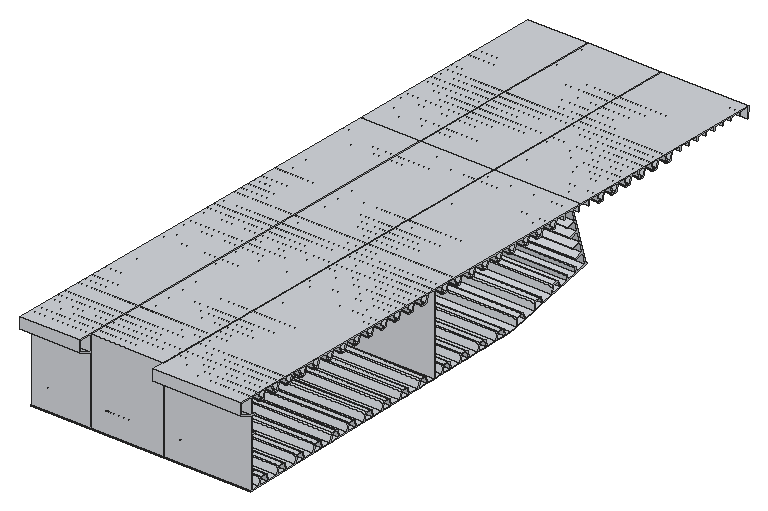
Revit family "A1-A4节段-主梁框架", category 结构框架, Revit 2018 (continued)
Forms (mm)
  Sweep 2, solid
    profile "A1-A4节段主梁截面4-4 : A1-A4节段主梁截面4-4" origin (-4400, -3000, 0) x (0, -1, 0) y (0, 0, 1)
      loop
        arc (-5051.299, -291.932) -> (-5067.66, -318.993) -> (-5097.304, -330.005) r 48
        line (-5097.304, -330.005) -> (-5144.161, -330.942) -> (-5191.018, -331.879)
        arc (-5191.018, -331.879) -> (-5221.078, -322.062) -> (-5238.508, -295.676) r 48
        line (-5238.508, -295.676) -> (-5299.73, -53.998) -> (-5599.67, -59.997) -> (-5651.179, -303.93)
        arc (-5651.179, -303.93) -> (-5667.54, -330.991) -> (-5697.184, -342.003) r 48
        line (-5697.184, -342.003) -> (-5744.041, -342.94) -> (-5790.898, -343.877)
        arc (-5790.898, -343.877) -> (-5820.958, -334.06) -> (-5838.388, -307.674) r 48
        line (-5838.388, -307.674) -> (-5899.61, -65.996) -> (-6199.55, -71.995) -> (-6251.059, -315.928)
        arc (-6251.059, -315.928) -> (-6267.42, -342.989) -> (-6297.064, -354.001) r 48
        line (-6297.064, -354.001) -> (-6343.921, -354.938) -> (-6390.778, -355.875)
        arc (-6390.778, -355.875) -> (-6420.838, -346.058) -> (-6438.268, -319.672) r 48
        line (-6438.268, -319.672) -> (-6499.49, -77.994) -> (-6799.43, -83.993) -> (-6850.939, -327.926)
        arc (-6850.939, -327.926) -> (-6867.3, -354.987) -> (-6896.944, -365.999) r 48
        line (-6896.944, -365.999) -> (-6943.801, -366.936) -> (-6990.658, -367.873)
        arc (-6990.658, -367.873) -> (-7020.718, -358.056) -> (-7038.148, -331.67) r 48
        line (-7038.148, -331.67) -> (-7099.37, -89.992) -> (-7399.31, -95.991) -> (-7450.819, -339.924)
        arc (-7450.819, -339.924) -> (-7467.18, -366.985) -> (-7496.824, -377.997) r 48
        line (-7496.824, -377.997) -> (-7543.681, -378.934) -> (-7590.538, -379.871)
        arc (-7590.538, -379.871) -> (-7620.598, -370.054) -> (-7638.028, -343.668) r 48
        line (-7638.028, -343.668) -> (-7699.25, -101.99) -> (-7999.19, -107.989) -> (-8050.7, -351.922)
        arc (-8050.7, -351.922) -> (-8067.06, -378.983) -> (-8096.704, -389.995) r 48
        line (-8096.704, -389.995) -> (-8143.561, -390.932) -> (-8190.418, -391.869)
        arc (-8190.418, -391.869) -> (-8220.479, -382.052) -> (-8237.908, -355.666) r 48
        line (-8237.908, -355.666) -> (-8299.13, -113.988) -> (-8599.07, -119.987) -> (-8650.58, -363.92)
        arc (-8650.58, -363.92) -> (-8666.94, -390.981) -> (-8696.584, -401.993) r 48
        line (-8696.584, -401.993) -> (-8743.441, -402.93) -> (-8790.298, -403.867)
        arc (-8790.298, -403.867) -> (-8820.359, -394.05) -> (-8837.788, -367.664) r 48
        line (-8837.788, -367.664) -> (-8899.01, -125.986) -> (-9198.95, -131.985) -> (-9250.46, -375.918)
        arc (-9250.46, -375.918) -> (-9266.82, -402.979) -> (-9296.464, -413.991) r 48
        line (-9296.464, -413.991) -> (-9343.321, -414.928) -> (-9390.178, -415.865)
        arc (-9390.178, -415.865) -> (-9420.239, -406.048) -> (-9437.668, -379.662) r 48
        line (-9437.668, -379.662) -> (-9498.89, -137.984) -> (-9798.83, -143.983) -> (-9850.34, -387.916)
        arc (-9850.34, -387.916) -> (-9866.7, -414.977) -> (-9896.344, -425.989) r 48
        line (-9896.344, -425.989) -> (-9943.201, -426.926) -> (-9990.058, -427.863)
        arc (-9990.058, -427.863) -> (-10020.119, -418.046) -> (-10037.548, -391.66) r 48
        line (-10037.548, -391.66) -> (-10098.77, -149.982) -> (-10398.71, -155.981) -> (-10450.22, -399.914)
        arc (-10450.22, -399.914) -> (-10466.58, -426.975) -> (-10496.224, -437.987) r 48
        line (-10496.224, -437.987) -> (-10543.081, -438.924) -> (-10589.938, -439.861)
        arc (-10589.938, -439.861) -> (-10619.999, -430.044) -> (-10637.428, -403.658) r 48
        line (-10637.428, -403.658) -> (-10698.65, -161.98) -> (-10998.59, -167.979) -> (-11050.1, -411.912)
        arc (-11050.1, -411.912) -> (-11066.46, -438.973) -> (-11096.104, -449.985) r 48
        line (-11096.104, -449.985) -> (-11142.961, -450.922) -> (-11189.818, -451.859)
        arc (-11189.818, -451.859) -> (-11219.879, -442.042) -> (-11237.308, -415.656) r 48
        line (-11237.308, -415.656) -> (-11298.53, -173.978) -> (-11593, -179.867) -> (-11593, -2992) -> (-11275, -2992) -> (-11207.923, -2759.468)
        arc (-11207.923, -2759.468) -> (-11194.257, -2739.634) -> (-11171.412, -2732) r 38
        line (-11171.412, -2732) -> (-11075, -2732) -> (-10978.588, -2732)
        arc (-10978.588, -2732) -> (-10955.743, -2739.634) -> (-10942.077, -2759.468) r 38
        line (-10942.077, -2759.468) -> (-10875, -2992) -> (-10475, -2992) -> (-10407.923, -2759.468)
        arc (-10407.923, -2759.468) -> (-10394.257, -2739.634) -> (-10371.412, -2732) r 38
        line (-10371.412, -2732) -> (-10275, -2732) -> (-10178.588, -2732)
        arc (-10178.588, -2732) -> (-10155.743, -2739.634) -> (-10142.077, -2759.468) r 38
        line (-10142.077, -2759.468) -> (-10075, -2992) -> (-9675, -2992) -> (-9607.923, -2759.468)
        arc (-9607.923, -2759.468) -> (-9594.257, -2739.634) -> (-9571.412, -2732) r 38
        line (-9571.412, -2732) -> (-9475, -2732) -> (-9378.588, -2732)
        arc (-9378.588, -2732) -> (-9355.743, -2739.634) -> (-9342.077, -2759.468) r 38
        line (-9342.077, -2759.468) -> (-9275, -2992) -> (-8875, -2992) -> (-8807.923, -2759.468)
        arc (-8807.923, -2759.468) -> (-8794.257, -2739.634) -> (-8771.412, -2732) r 38
        line (-8771.412, -2732) -> (-8675, -2732) -> (-8578.588, -2732)
        arc (-8578.588, -2732) -> (-8555.743, -2739.634) -> (-8542.077, -2759.468) r 38
        line (-8542.077, -2759.468) -> (-8475, -2992) -> (-8125, -2992) -> (-8057.923, -2759.468)
        arc (-8057.923, -2759.468) -> (-8044.257, -2739.634) -> (-8021.412, -2732) r 38
        line (-8021.412, -2732) -> (-7925, -2732) -> (-7828.588, -2732)
        arc (-7828.588, -2732) -> (-7805.743, -2739.634) -> (-7792.077, -2759.468) r 38
        line (-7792.077, -2759.468) -> (-7725, -2992) -> (-7375, -2992) -> (-7307.923, -2759.468)
        arc (-7307.923, -2759.468) -> (-7294.257, -2739.634) -> (-7271.412, -2732) r 38
        line (-7271.412, -2732) -> (-7175, -2732) -> (-7078.588, -2732)
        arc (-7078.588, -2732) -> (-7055.743, -2739.634) -> (-7042.077, -2759.468) r 38
        line (-7042.077, -2759.468) -> (-6975, -2992) -> (-6625, -2992) -> (-6557.923, -2759.468)
        arc (-6557.923, -2759.468) -> (-6544.257, -2739.634) -> (-6521.412, -2732) r 38
        line (-6521.412, -2732) -> (-6425, -2732) -> (-6328.588, -2732)
        arc (-6328.588, -2732) -> (-6305.743, -2739.634) -> (-6292.077, -2759.468) r 38
        line (-6292.077, -2759.468) -> (-6225, -2992) -> (-5825, -2992) -> (-5757.923, -2759.468)
        arc (-5757.923, -2759.468) -> (-5744.257, -2739.634) -> (-5721.412, -2732) r 38
        line (-5721.412, -2732) -> (-5625, -2732) -> (-5528.588, -2732)
        arc (-5528.588, -2732) -> (-5505.743, -2739.634) -> (-5492.077, -2759.468) r 38
        line (-5492.077, -2759.468) -> (-5425, -2992) -> (-5025, -2992) -> (-4957.923, -2759.468)
        arc (-4957.923, -2759.468) -> (-4944.257, -2739.634) -> (-4921.412, -2732) r 38
        line (-4921.412, -2732) -> (-4825, -2732) -> (-4728.588, -2732)
        arc (-4728.588, -2732) -> (-4705.743, -2739.634) -> (-4692.077, -2759.468) r 38
        line (-4692.077, -2759.468) -> (-4625, -2992) -> (-4225, -2992) -> (-4157.923, -2759.468)
        arc (-4157.923, -2759.468) -> (-4144.257, -2739.634) -> (-4121.412, -2732) r 38
        line (-4121.412, -2732) -> (-4025, -2732) -> (-3928.588, -2732)
        arc (-3928.588, -2732) -> (-3905.743, -2739.634) -> (-3892.077, -2759.468) r 38
        line (-3892.077, -2759.468) -> (-3825, -2992) -> (-3507, -2992) -> (-3507, -2406) -> (-3647, -2406) -> (-3647, -2394) -> (-3507, -2394) -> (-3507, -1806) -> (-3647, -1806) -> (-3647, -1794) -> (-3507, -1794) -> (-3507, -1206) -> (-3647, -1206) -> (-3647, -1194) -> (-3507, -1194) -> (-3507, -606) -> (-3647, -606) -> (-3647, -594) -> (-3507, -594)
      loop
        line (-17686.663, -301.744) -> (-17803.803, -691.101) -> (-17497.371, -783.292) -> (-17504.285, -806.275) -> (-17810.717, -714.083) -> (-17919.043, -1074.141) -> (-17612.61, -1166.333) -> (-17619.525, -1189.315) -> (-17925.957, -1097.123) -> (-18034.282, -1457.181) -> (-17727.85, -1549.373) -> (-17734.765, -1572.355) -> (-18041.197, -1480.163) -> (-18149.522, -1840.221) -> (-17843.09, -1932.413) -> (-17850.004, -1955.395) -> (-18156.436, -1863.204) -> (-18282.281, -2281.494) -> (-17889.383, -2366.521) -> (-17851.31, -2190.594) -> (-17835.672, -2193.978) -> (-17873.745, -2369.906) -> (-17498.433, -2451.127) -> (-17460.36, -2275.2) -> (-17444.722, -2278.584) -> (-17482.795, -2454.511) -> (-17197.401, -2516.274) -> (-17082.659, -2303.19)
        arc (-17082.659, -2303.19) -> (-17065.106, -2286.695) -> (-17041.163, -2284.066) r 38
        line (-17041.163, -2284.066) -> (-16946.933, -2304.459) -> (-16852.702, -2324.852)
        arc (-16852.702, -2324.852) -> (-16831.988, -2337.145) -> (-16822.826, -2359.421) r 38
        line (-16822.826, -2359.421) -> (-16806.451, -2600.879) -> (-16415.501, -2685.485) -> (-16300.759, -2472.402)
        arc (-16300.759, -2472.402) -> (-16283.206, -2455.907) -> (-16259.264, -2453.278) r 38
        line (-16259.264, -2453.278) -> (-16165.033, -2473.671) -> (-16070.802, -2494.063)
        arc (-16070.802, -2494.063) -> (-16050.089, -2506.356) -> (-16040.927, -2528.632) r 38
        line (-16040.927, -2528.632) -> (-16024.552, -2770.091) -> (-15633.602, -2854.697) -> (-15518.859, -2641.613)
        arc (-15518.859, -2641.613) -> (-15501.306, -2625.118) -> (-15477.364, -2622.489) r 38
        line (-15477.364, -2622.489) -> (-15383.133, -2642.882) -> (-15288.902, -2663.275)
        arc (-15288.902, -2663.275) -> (-15268.189, -2675.568) -> (-15259.027, -2697.844) r 38
        line (-15259.027, -2697.844) -> (-15242.652, -2939.302) -> (-14999.144, -2992) -> (-14725, -2992) -> (-14657.923, -2759.468)
        arc (-14657.923, -2759.468) -> (-14644.257, -2739.634) -> (-14621.412, -2732) r 38
        line (-14621.412, -2732) -> (-14525, -2732) -> (-14428.588, -2732)
        arc (-14428.588, -2732) -> (-14405.743, -2739.634) -> (-14392.077, -2759.468) r 38
        line (-14392.077, -2759.468) -> (-14325, -2992) -> (-13925, -2992) -> (-13857.923, -2759.468)
        arc (-13857.923, -2759.468) -> (-13844.257, -2739.634) -> (-13821.412, -2732) r 38
        line (-13821.412, -2732) -> (-13725, -2732) -> (-13628.588, -2732)
        arc (-13628.588, -2732) -> (-13605.743, -2739.634) -> (-13592.077, -2759.468) r 38
        line (-13592.077, -2759.468) -> (-13525, -2992) -> (-13125, -2992) -> (-13057.923, -2759.468)
        arc (-13057.923, -2759.468) -> (-13044.257, -2739.634) -> (-13021.412, -2732) r 38
        line (-13021.412, -2732) -> (-12925, -2732) -> (-12828.588, -2732)
        arc (-12828.588, -2732) -> (-12805.743, -2739.634) -> (-12792.077, -2759.468) r 38
        line (-12792.077, -2759.468) -> (-12725, -2992) -> (-12325, -2992) -> (-12257.923, -2759.468)
        arc (-12257.923, -2759.468) -> (-12244.257, -2739.634) -> (-12221.412, -2732) r 38
        line (-12221.412, -2732) -> (-12125, -2732) -> (-12028.588, -2732)
        arc (-12028.588, -2732) -> (-12005.743, -2739.634) -> (-11992.077, -2759.468) r 38
        line (-11992.077, -2759.468) -> (-11925, -2992) -> (-11607, -2992) -> (-11607, -180.147) -> (-11900.03, -186.008) -> (-11951.539, -429.941)
        arc (-11951.539, -429.941) -> (-11967.9, -457.003) -> (-11997.544, -468.014) r 48
        line (-11997.544, -468.014) -> (-12044.401, -468.951) -> (-12091.258, -469.889)
        arc (-12091.258, -469.889) -> (-12121.318, -460.071) -> (-12138.748, -433.685) r 48
        line (-12138.748, -433.685) -> (-12199.97, -192.007) -> (-12499.91, -198.006) -> (-12551.419, -441.939)
        arc (-12551.419, -441.939) -> (-12567.78, -469.001) -> (-12597.424, -480.012) r 48
        line (-12597.424, -480.012) -> (-12644.281, -480.949) -> (-12691.138, -481.887)
        arc (-12691.138, -481.887) -> (-12721.198, -472.069) -> (-12738.628, -445.683) r 48
        line (-12738.628, -445.683) -> (-12799.85, -204.005) -> (-13099.79, -210.004) -> (-13151.299, -453.937)
        arc (-13151.299, -453.937) -> (-13167.66, -480.999) -> (-13197.304, -492.01) r 48
        line (-13197.304, -492.01) -> (-13244.161, -492.947) -> (-13291.018, -493.885)
        arc (-13291.018, -493.885) -> (-13321.078, -484.067) -> (-13338.508, -457.681) r 48
        line (-13338.508, -457.681) -> (-13399.73, -216.003) -> (-13699.67, -222.002) -> (-13751.179, -465.935)
        arc (-13751.179, -465.935) -> (-13767.54, -492.997) -> (-13797.184, -504.008) r 48
        line (-13797.184, -504.008) -> (-13844.041, -504.945) -> (-13890.898, -505.883)
        arc (-13890.898, -505.883) -> (-13920.958, -496.065) -> (-13938.388, -469.679) r 48
        line (-13938.388, -469.679) -> (-13999.61, -228.001) -> (-14299.55, -234) -> (-14351.059, -477.933)
        arc (-14351.059, -477.933) -> (-14367.42, -504.995) -> (-14397.064, -516.006) r 48
        line (-14397.064, -516.006) -> (-14443.921, -516.943) -> (-14490.778, -517.881)
        arc (-14490.778, -517.881) -> (-14520.838, -508.063) -> (-14538.268, -481.677) r 48
        line (-14538.268, -481.677) -> (-14599.49, -239.999) -> (-14899.43, -245.998) -> (-14950.939, -489.931)
        arc (-14950.939, -489.931) -> (-14967.3, -516.993) -> (-14996.944, -528.004) r 48
        line (-14996.944, -528.004) -> (-15043.801, -528.941) -> (-15090.658, -529.879)
        arc (-15090.658, -529.879) -> (-15120.718, -520.061) -> (-15138.148, -493.675) r 48
        line (-15138.148, -493.675) -> (-15199.37, -251.997) -> (-15499.31, -257.996) -> (-15550.819, -501.929)
        arc (-15550.819, -501.929) -> (-15567.18, -528.991) -> (-15596.824, -540.002) r 48
        line (-15596.824, -540.002) -> (-15643.681, -540.939) -> (-15690.538, -541.877)
        arc (-15690.538, -541.877) -> (-15720.598, -532.059) -> (-15738.028, -505.673) r 48
        line (-15738.028, -505.673) -> (-15799.25, -263.995) -> (-16099.19, -269.994) -> (-16150.7, -513.927)
        arc (-16150.7, -513.927) -> (-16167.06, -540.989) -> (-16196.704, -552) r 48
        line (-16196.704, -552) -> (-16243.561, -552.937) -> (-16290.418, -553.875)
        arc (-16290.418, -553.875) -> (-16320.479, -544.057) -> (-16337.908, -517.671) r 48
        line (-16337.908, -517.671) -> (-16399.13, -275.993) -> (-16699.07, -281.992) -> (-16750.58, -525.925)
        arc (-16750.58, -525.925) -> (-16766.94, -552.987) -> (-16796.584, -563.998) r 48
        line (-16796.584, -563.998) -> (-16843.441, -564.935) -> (-16890.298, -565.873)
        arc (-16890.298, -565.873) -> (-16920.359, -556.055) -> (-16937.788, -529.669) r 48
        line (-16937.788, -529.669) -> (-16999.01, -287.991) -> (-17340.942, -294.83) -> (-17337.342, -474.794) -> (-17353.339, -475.114) -> (-17356.939, -295.15) -> (-17686.663, -301.744)
      loop
        line (-3493, -1.859) -> (-18084, -293.688) -> (-18100, -295.008) -> (-25507.139, -443.156) -> (-25499.4, -830.079) -> (-25485.403, -829.799) -> (-25492.861, -456.873) -> (-25130.721, -449.63) -> (-25127.922, -589.602) -> (-25113.925, -589.322) -> (-25116.724, -449.35) -> (-24755.796, -442.131) -> (-24752.997, -582.103) -> (-24739, -581.823) -> (-24741.799, -441.851) -> (-24380.871, -434.633) -> (-24378.072, -574.605) -> (-24364.074, -574.325) -> (-24366.874, -434.353) -> (-24005.946, -427.134) -> (-24003.147, -567.106) -> (-23989.149, -566.826) -> (-23991.949, -426.854) -> (-23631.021, -419.635) -> (-23628.222, -559.607) -> (-23614.224, -559.327) -> (-23617.024, -419.355) -> (-23256.096, -412.136) -> (-23253.297, -552.108) -> (-23239.299, -551.829) -> (-23242.099, -411.857) -> (-22881.171, -404.638) -> (-22878.372, -544.61) -> (-22864.374, -544.33) -> (-22867.174, -404.358) -> (-22506.246, -397.139) -> (-22503.447, -537.111) -> (-22489.449, -536.831) -> (-22492.249, -396.859) -> (-22124.218, -389.498) -> (-22062.996, -631.176)
        arc (-22062.996, -631.176) -> (-22045.566, -657.562) -> (-22015.506, -667.38) r 48
        line (-22015.506, -667.38) -> (-21968.648, -666.443) -> (-21921.791, -665.506)
        arc (-21921.791, -665.506) -> (-21892.148, -654.494) -> (-21875.787, -627.432) r 48
        line (-21875.787, -627.432) -> (-21824.278, -383.499) -> (-21524.338, -377.5) -> (-21463.116, -619.178)
        arc (-21463.116, -619.178) -> (-21445.686, -645.564) -> (-21415.626, -655.382) r 48
        line (-21415.626, -655.382) -> (-21368.768, -654.445) -> (-21321.911, -653.508)
        arc (-21321.911, -653.508) -> (-21292.268, -642.496) -> (-21275.907, -615.434) r 48
        line (-21275.907, -615.434) -> (-21224.397, -371.501) -> (-20924.457, -365.502) -> (-20863.236, -607.18)
        arc (-20863.236, -607.18) -> (-20845.806, -633.566) -> (-20815.745, -643.384) r 48
        line (-20815.745, -643.384) -> (-20768.888, -642.447) -> (-20722.031, -641.51)
        arc (-20722.031, -641.51) -> (-20692.388, -630.498) -> (-20676.027, -603.436) r 48
        line (-20676.027, -603.436) -> (-20624.517, -359.503) -> (-20324.577, -353.504) -> (-20263.356, -595.183)
        arc (-20263.356, -595.183) -> (-20245.926, -621.568) -> (-20215.865, -631.386) r 48
        line (-20215.865, -631.386) -> (-20169.008, -630.449) -> (-20122.151, -629.512)
        arc (-20122.151, -629.512) -> (-20092.508, -618.5) -> (-20076.147, -591.438) r 48
        line (-20076.147, -591.438) -> (-20024.637, -347.505) -> (-19724.697, -341.506) -> (-19663.476, -583.185)
        arc (-19663.476, -583.185) -> (-19646.046, -609.57) -> (-19615.985, -619.388) r 48
        line (-19615.985, -619.388) -> (-19569.128, -618.451) -> (-19522.271, -617.514)
        arc (-19522.271, -617.514) -> (-19492.628, -606.502) -> (-19476.267, -579.44) r 48
        line (-19476.267, -579.44) -> (-19424.757, -335.507) -> (-19124.817, -329.508) -> (-19063.596, -571.187)
        arc (-19063.596, -571.187) -> (-19046.166, -597.572) -> (-19016.105, -607.39) r 48
        line (-19016.105, -607.39) -> (-18969.248, -606.453) -> (-18922.391, -605.516)
        arc (-18922.391, -605.516) -> (-18892.748, -594.504) -> (-18876.387, -567.442) r 48
        line (-18876.387, -567.442) -> (-18824.877, -323.509) -> (-18457.908, -316.17) -> (-18454.309, -496.134) -> (-18438.312, -495.814) -> (-18441.912, -315.85) -> (-18100, -309.011) -> (-18084, -309.691) -> (-18007.998, -308.171) -> (-18004.399, -488.135) -> (-17988.402, -487.815) -> (-17992.002, -307.851) -> (-17718.181, -302.375) -> (-18311.695, -2275.129) -> (-18331.303, -2270.885) -> (-18335.927, -2286.255) -> (-18316.319, -2290.498) -> (-15000.856, -3008) -> (-3493, -3008) -> (-3463, -3008) -> (-3463, -2992) -> (-3493, -2992) -> (-3493, -589.356) -> (-3493, -17.862) -> (-3493, -1.859)
  Sweep 3, solid
    path origin (-3100, -3000, 0) x (1, 0, 0) y (0, 1, 0)
      loop
        line (-2600, 0) -> (-4700, 0)
    profile "A1-A4节段主梁截面 : A1-A4节段主梁截面" origin (-6750, -3000, 0) x (0, -1, 0) y (0, 0, 1)
      loop
        line (-14716.674, -2992) -> (-14333.326, -2992) -> (-14399.763, -2761.685)
        arc (-14399.763, -2761.685) -> (-14410.552, -2746.027) -> (-14428.588, -2740) r 30
        line (-14428.588, -2740) -> (-14525, -2740) -> (-14621.412, -2740)
        arc (-14621.412, -2740) -> (-14639.448, -2746.027) -> (-14650.237, -2761.685) r 30
        line (-14650.237, -2761.685) -> (-14716.674, -2992)
      loop
        line (-13916.674, -2992) -> (-13533.326, -2992) -> (-13599.763, -2761.685)
        arc (-13599.763, -2761.685) -> (-13610.552, -2746.027) -> (-13628.588, -2740) r 30
        line (-13628.588, -2740) -> (-13725, -2740) -> (-13821.412, -2740)
        arc (-13821.412, -2740) -> (-13839.448, -2746.027) -> (-13850.237, -2761.685) r 30
        line (-13850.237, -2761.685) -> (-13916.674, -2992)
      loop
        line (-13116.674, -2992) -> (-12733.326, -2992) -> (-12799.763, -2761.685)
        arc (-12799.763, -2761.685) -> (-12810.552, -2746.027) -> (-12828.588, -2740) r 30
        line (-12828.588, -2740) -> (-12925, -2740) -> (-13021.412, -2740)
        arc (-13021.412, -2740) -> (-13039.448, -2746.027) -> (-13050.237, -2761.685) r 30
        line (-13050.237, -2761.685) -> (-13116.674, -2992)
      loop
        line (-11266.674, -2992) -> (-10883.326, -2992) -> (-10949.763, -2761.685)
        arc (-10949.763, -2761.685) -> (-10960.552, -2746.027) -> (-10978.588, -2740) r 30
        line (-10978.588, -2740) -> (-11075, -2740) -> (-11171.412, -2740)
        arc (-11171.412, -2740) -> (-11189.448, -2746.027) -> (-11200.237, -2761.685) r 30
        line (-11200.237, -2761.685) -> (-11266.674, -2992)
      loop
        line (-10466.674, -2992) -> (-10083.326, -2992) -> (-10149.763, -2761.685)
        arc (-10149.763, -2761.685) -> (-10160.552, -2746.027) -> (-10178.588, -2740) r 30
        line (-10178.588, -2740) -> (-10275, -2740) -> (-10371.412, -2740)
        arc (-10371.412, -2740) -> (-10389.448, -2746.027) -> (-10400.237, -2761.685) r 30
        line (-10400.237, -2761.685) -> (-10466.674, -2992)
      loop
        line (-9666.674, -2992) -> (-9283.326, -2992) -> (-9349.763, -2761.685)
        arc (-9349.763, -2761.685) -> (-9360.552, -2746.027) -> (-9378.588, -2740) r 30
        line (-9378.588, -2740) -> (-9475, -2740) -> (-9571.412, -2740)
        arc (-9571.412, -2740) -> (-9589.448, -2746.027) -> (-9600.237, -2761.685) r 30
        line (-9600.237, -2761.685) -> (-9666.674, -2992)
      loop
        line (-8866.674, -2992) -> (-8483.326, -2992) -> (-8549.763, -2761.685)
        arc (-8549.763, -2761.685) -> (-8560.552, -2746.027) -> (-8578.588, -2740) r 30
        line (-8578.588, -2740) -> (-8675, -2740) -> (-8771.412, -2740)
        arc (-8771.412, -2740) -> (-8789.448, -2746.027) -> (-8800.237, -2761.685) r 30
        line (-8800.237, -2761.685) -> (-8866.674, -2992)
      loop
        line (-8116.674, -2992) -> (-7733.326, -2992) -> (-7799.763, -2761.685)
        arc (-7799.763, -2761.685) -> (-7810.552, -2746.027) -> (-7828.588, -2740) r 30
        line (-7828.588, -2740) -> (-7925, -2740) -> (-8021.412, -2740)
        arc (-8021.412, -2740) -> (-8039.448, -2746.027) -> (-8050.237, -2761.685) r 30
        line (-8050.237, -2761.685) -> (-8116.674, -2992)
      loop
        line (-7366.674, -2992) -> (-6983.326, -2992) -> (-7049.763, -2761.685)
        arc (-7049.763, -2761.685) -> (-7060.552, -2746.027) -> (-7078.588, -2740) r 30
        line (-7078.588, -2740) -> (-7175, -2740) -> (-7271.412, -2740)
        arc (-7271.412, -2740) -> (-7289.448, -2746.027) -> (-7300.237, -2761.685) r 30
        line (-7300.237, -2761.685) -> (-7366.674, -2992)
      loop
        line (-6616.674, -2992) -> (-6233.326, -2992) -> (-6299.763, -2761.685)
        arc (-6299.763, -2761.685) -> (-6310.552, -2746.027) -> (-6328.588, -2740) r 30
        line (-6328.588, -2740) -> (-6425, -2740) -> (-6521.412, -2740)
        arc (-6521.412, -2740) -> (-6539.448, -2746.027) -> (-6550.237, -2761.685) r 30
        line (-6550.237, -2761.685) -> (-6616.674, -2992)
      loop
        line (-5816.674, -2992) -> (-5433.326, -2992) -> (-5499.763, -2761.685)
        arc (-5499.763, -2761.685) -> (-5510.552, -2746.027) -> (-5528.588, -2740) r 30
        line (-5528.588, -2740) -> (-5625, -2740) -> (-5721.412, -2740)
        arc (-5721.412, -2740) -> (-5739.448, -2746.027) -> (-5750.237, -2761.685) r 30
        line (-5750.237, -2761.685) -> (-5816.674, -2992)
      loop
        line (-5016.674, -2992) -> (-4633.326, -2992) -> (-4699.763, -2761.685)
        arc (-4699.763, -2761.685) -> (-4710.552, -2746.027) -> (-4728.588, -2740) r 30
        line (-4728.588, -2740) -> (-4825, -2740) -> (-4921.412, -2740)
        arc (-4921.412, -2740) -> (-4939.448, -2746.027) -> (-4950.237, -2761.685) r 30
        line (-4950.237, -2761.685) -> (-5016.674, -2992)
      loop
        line (-17075.615, -2306.983) -> (-17189.264, -2518.035) -> (-16814.589, -2599.118) -> (-16830.854, -2359.288)
        arc (-16830.854, -2359.288) -> (-16836.17, -2344.169) -> (-16848.512, -2333.944) r 30
        line (-16848.512, -2333.944) -> (-16948.625, -2312.278) -> (-17042.856, -2291.885)
        arc (-17042.856, -2291.885) -> (-17061.758, -2293.961) -> (-17075.615, -2306.983) r 30
      loop
        line (-16293.715, -2476.195) -> (-16407.364, -2687.246) -> (-16032.689, -2768.33) -> (-16048.908, -2529.173)
        arc (-16048.908, -2529.173) -> (-16056.141, -2511.587) -> (-16072.494, -2501.882) r 30
        line (-16072.494, -2501.882) -> (-16166.725, -2481.49) -> (-16260.956, -2461.097)
        arc (-16260.956, -2461.097) -> (-16279.858, -2463.172) -> (-16293.715, -2476.195) r 30
      loop
        line (-15511.815, -2645.406) -> (-15625.464, -2856.458) -> (-15250.789, -2937.541) -> (-15267.008, -2698.385)
        arc (-15267.008, -2698.385) -> (-15274.241, -2680.799) -> (-15290.594, -2671.094) r 30
        line (-15290.594, -2671.094) -> (-15384.825, -2650.701) -> (-15479.056, -2630.308)
        arc (-15479.056, -2630.308) -> (-15497.958, -2632.384) -> (-15511.815, -2645.406) r 30
      loop
        line (-12250.237, -2761.685) -> (-12316.674, -2992) -> (-11933.326, -2992) -> (-11999.763, -2761.685)
        arc (-11999.763, -2761.685) -> (-12010.552, -2746.027) -> (-12028.588, -2740) r 30
        line (-12028.588, -2740) -> (-12125, -2740) -> (-12221.412, -2740)
        arc (-12221.412, -2740) -> (-12239.448, -2746.027) -> (-12250.237, -2761.685) r 30
      loop
        line (-4150.237, -2761.685) -> (-4216.674, -2992) -> (-3833.326, -2992) -> (-3899.763, -2761.685)
        arc (-3899.763, -2761.685) -> (-3910.552, -2746.027) -> (-3928.588, -2740) r 30
        line (-3928.588, -2740) -> (-4025, -2740) -> (-4121.412, -2740)
        arc (-4121.412, -2740) -> (-4139.448, -2746.027) -> (-4150.237, -2761.685) r 30
      loop
        arc (-22055.241, -629.212) -> (-22040.716, -651.2) -> (-22015.666, -659.381) r 40
        line (-22015.666, -659.381) -> (-21968.808, -658.444) -> (-21921.951, -657.507)
        arc (-21921.951, -657.507) -> (-21897.248, -648.331) -> (-21883.614, -625.779) r 40
        line (-21883.614, -625.779) -> (-21832.489, -383.663) -> (-22116.006, -389.334) -> (-22055.241, -629.212)
      loop
        arc (-21455.361, -617.214) -> (-21440.836, -639.202) -> (-21415.785, -647.383) r 40
        line (-21415.785, -647.383) -> (-21368.928, -646.446) -> (-21322.071, -645.509)
        arc (-21322.071, -645.509) -> (-21297.368, -636.333) -> (-21283.734, -613.781) r 40
        line (-21283.734, -613.781) -> (-21232.609, -371.665) -> (-21516.126, -377.336) -> (-21455.361, -617.214)
      loop
        arc (-20855.481, -605.216) -> (-20840.956, -627.204) -> (-20815.905, -635.385) r 40
        line (-20815.905, -635.385) -> (-20769.048, -634.448) -> (-20722.191, -633.511)
        arc (-20722.191, -633.511) -> (-20697.488, -624.335) -> (-20683.854, -601.783) r 40
        line (-20683.854, -601.783) -> (-20632.729, -359.667) -> (-20916.246, -365.338) -> (-20855.481, -605.216)
      loop
        arc (-20255.601, -593.218) -> (-20241.076, -615.206) -> (-20216.025, -623.387) r 40
        line (-20216.025, -623.387) -> (-20169.168, -622.45) -> (-20122.311, -621.513)
        arc (-20122.311, -621.513) -> (-20097.608, -612.337) -> (-20083.974, -589.785) r 40
        line (-20083.974, -589.785) -> (-20032.849, -347.669) -> (-20316.366, -353.34) -> (-20255.601, -593.218)
      loop
        arc (-19655.721, -581.22) -> (-19641.196, -603.208) -> (-19616.145, -611.389) r 40
        line (-19616.145, -611.389) -> (-19569.288, -610.452) -> (-19522.431, -609.515)
        arc (-19522.431, -609.515) -> (-19497.728, -600.339) -> (-19484.094, -577.787) r 40
        line (-19484.094, -577.787) -> (-19432.968, -335.671) -> (-19716.486, -341.342) -> (-19655.721, -581.22)
      loop
        arc (-19055.84, -569.222) -> (-19041.316, -591.21) -> (-19016.265, -599.391) r 40
        line (-19016.265, -599.391) -> (-18969.408, -598.454) -> (-18922.551, -597.517)
        arc (-18922.551, -597.517) -> (-18897.848, -588.341) -> (-18884.214, -565.789) r 40
        line (-18884.214, -565.789) -> (-18833.088, -323.673) -> (-19116.606, -329.344) -> (-19055.84, -569.222)
      loop
        arc (-16930.033, -527.705) -> (-16915.508, -549.693) -> (-16890.458, -557.874) r 40
        line (-16890.458, -557.874) -> (-16843.601, -556.937) -> (-16796.744, -556)
        arc (-16796.744, -556) -> (-16772.041, -546.823) -> (-16758.407, -524.272) r 40
        line (-16758.407, -524.272) -> (-16707.281, -282.156) -> (-16990.799, -287.827) -> (-16930.033, -527.705)
      loop
        arc (-16330.153, -515.707) -> (-16315.628, -537.695) -> (-16290.578, -545.876) r 40
        line (-16290.578, -545.876) -> (-16243.721, -544.939) -> (-16196.864, -544.002)
        arc (-16196.864, -544.002) -> (-16172.161, -534.825) -> (-16158.527, -512.274) r 40
        line (-16158.527, -512.274) -> (-16107.401, -270.158) -> (-16390.919, -275.829) -> (-16330.153, -515.707)
      loop
        arc (-15730.273, -503.709) -> (-15715.748, -525.697) -> (-15690.698, -533.878) r 40
        line (-15690.698, -533.878) -> (-15643.841, -532.941) -> (-15596.984, -532.004)
        arc (-15596.984, -532.004) -> (-15572.281, -522.827) -> (-15558.647, -500.276) r 40
        line (-15558.647, -500.276) -> (-15507.521, -258.16) -> (-15791.039, -263.831) -> (-15730.273, -503.709)
      loop
        arc (-15130.393, -491.711) -> (-15115.868, -513.699) -> (-15090.818, -521.88) r 40
        line (-15090.818, -521.88) -> (-15043.961, -520.943) -> (-14997.104, -520.006)
        arc (-14997.104, -520.006) -> (-14972.401, -510.829) -> (-14958.767, -488.278) r 40
        line (-14958.767, -488.278) -> (-14907.641, -246.162) -> (-15191.159, -251.833) -> (-15130.393, -491.711)
      loop
        arc (-14530.513, -479.713) -> (-14515.988, -501.701) -> (-14490.938, -509.882) r 40
        line (-14490.938, -509.882) -> (-14444.081, -508.945) -> (-14397.224, -508.008)
        arc (-14397.224, -508.008) -> (-14372.521, -498.831) -> (-14358.887, -476.28) r 40
        line (-14358.887, -476.28) -> (-14307.761, -234.164) -> (-14591.279, -239.835) -> (-14530.513, -479.713)
      loop
        arc (-13930.633, -467.715) -> (-13916.108, -489.703) -> (-13891.058, -497.884) r 40
        line (-13891.058, -497.884) -> (-13844.201, -496.947) -> (-13797.344, -496.01)
        arc (-13797.344, -496.01) -> (-13772.641, -486.833) -> (-13759.007, -464.282) r 40
        line (-13759.007, -464.282) -> (-13707.881, -222.166) -> (-13991.399, -227.837) -> (-13930.633, -467.715)
      loop
        arc (-13330.753, -455.717) -> (-13316.228, -477.705) -> (-13291.178, -485.886) r 40
        line (-13291.178, -485.886) -> (-13244.321, -484.949) -> (-13197.464, -484.012)
        arc (-13197.464, -484.012) -> (-13172.761, -474.835) -> (-13159.127, -452.284) r 40
        line (-13159.127, -452.284) -> (-13108.001, -210.168) -> (-13391.519, -215.839) -> (-13330.753, -455.717)
      loop
        arc (-12730.873, -443.719) -> (-12716.348, -465.707) -> (-12691.298, -473.888) r 40
        line (-12691.298, -473.888) -> (-12644.441, -472.951) -> (-12597.584, -472.014)
        arc (-12597.584, -472.014) -> (-12572.881, -462.837) -> (-12559.247, -440.286) r 40
        line (-12559.247, -440.286) -> (-12508.121, -198.17) -> (-12791.639, -203.841) -> (-12730.873, -443.719)
      loop
        arc (-12130.993, -431.721) -> (-12116.468, -453.709) -> (-12091.418, -461.89) r 40
        line (-12091.418, -461.89) -> (-12044.561, -460.953) -> (-11997.704, -460.016)
        arc (-11997.704, -460.016) -> (-11973.001, -450.839) -> (-11959.367, -428.288) r 40
        line (-11959.367, -428.288) -> (-11908.241, -186.172) -> (-12191.759, -191.843) -> (-12130.993, -431.721)
      loop
        arc (-11229.553, -413.691) -> (-11215.029, -435.68) -> (-11189.978, -443.861) r 40
        line (-11189.978, -443.861) -> (-11143.121, -442.924) -> (-11096.264, -441.987)
        arc (-11096.264, -441.987) -> (-11071.561, -432.81) -> (-11057.927, -410.259) r 40
        line (-11057.927, -410.259) -> (-11006.801, -168.143) -> (-11290.319, -173.813) -> (-11229.553, -413.691)
      loop
        arc (-10629.673, -401.693) -> (-10615.149, -423.682) -> (-10590.098, -431.863) r 40
        line (-10590.098, -431.863) -> (-10543.241, -430.926) -> (-10496.384, -429.989)
        arc (-10496.384, -429.989) -> (-10471.681, -420.812) -> (-10458.047, -398.261) r 40
        line (-10458.047, -398.261) -> (-10406.921, -156.145) -> (-10690.439, -161.815) -> (-10629.673, -401.693)
      loop
        arc (-10029.793, -389.695) -> (-10015.269, -411.684) -> (-9990.218, -419.865) r 40
        line (-9990.218, -419.865) -> (-9943.361, -418.928) -> (-9896.504, -417.991)
        arc (-9896.504, -417.991) -> (-9871.801, -408.814) -> (-9858.167, -386.263) r 40
        line (-9858.167, -386.263) -> (-9807.041, -144.147) -> (-10090.559, -149.817) -> (-10029.793, -389.695)
      loop
        arc (-9429.913, -377.697) -> (-9415.389, -399.686) -> (-9390.338, -407.867) r 40
        line (-9390.338, -407.867) -> (-9343.481, -406.93) -> (-9296.624, -405.993)
        arc (-9296.624, -405.993) -> (-9271.921, -396.816) -> (-9258.287, -374.265) r 40
        line (-9258.287, -374.265) -> (-9207.161, -132.149) -> (-9490.679, -137.819) -> (-9429.913, -377.697)
      loop
        arc (-8830.033, -365.699) -> (-8815.508, -387.688) -> (-8790.458, -395.869) r 40
        line (-8790.458, -395.869) -> (-8743.601, -394.932) -> (-8696.744, -393.995)
        arc (-8696.744, -393.995) -> (-8672.041, -384.818) -> (-8658.407, -362.267) r 40
        line (-8658.407, -362.267) -> (-8607.281, -120.151) -> (-8890.799, -125.821) -> (-8830.033, -365.699)
      loop
        arc (-8230.153, -353.701) -> (-8215.628, -375.69) -> (-8190.578, -383.871) r 40
        line (-8190.578, -383.871) -> (-8143.721, -382.934) -> (-8096.864, -381.997)
        arc (-8096.864, -381.997) -> (-8072.161, -372.82) -> (-8058.527, -350.269) r 40
        line (-8058.527, -350.269) -> (-8007.401, -108.153) -> (-8290.919, -113.823) -> (-8230.153, -353.701)
      loop
        arc (-7630.273, -341.703) -> (-7615.748, -363.692) -> (-7590.698, -371.873) r 40
        line (-7590.698, -371.873) -> (-7543.841, -370.936) -> (-7496.984, -369.999)
        arc (-7496.984, -369.999) -> (-7472.281, -360.822) -> (-7458.647, -338.271) r 40
        line (-7458.647, -338.271) -> (-7407.521, -96.155) -> (-7691.039, -101.825) -> (-7630.273, -341.703)
      loop
        arc (-7030.393, -329.705) -> (-7015.868, -351.694) -> (-6990.818, -359.875) r 40
        line (-6990.818, -359.875) -> (-6943.961, -358.938) -> (-6897.104, -358.001)
        arc (-6897.104, -358.001) -> (-6872.401, -348.824) -> (-6858.767, -326.273) r 40
        line (-6858.767, -326.273) -> (-6807.641, -84.157) -> (-7091.159, -89.827) -> (-7030.393, -329.705)
      loop
        arc (-6430.513, -317.707) -> (-6415.988, -339.696) -> (-6390.938, -347.877) r 40
        line (-6390.938, -347.877) -> (-6344.081, -346.94) -> (-6297.224, -346.003)
        arc (-6297.224, -346.003) -> (-6272.521, -336.826) -> (-6258.887, -314.275) r 40
        line (-6258.887, -314.275) -> (-6207.761, -72.159) -> (-6491.279, -77.829) -> (-6430.513, -317.707)
      loop
        arc (-5830.633, -305.709) -> (-5816.108, -327.698) -> (-5791.058, -335.879) r 40
        line (-5791.058, -335.879) -> (-5744.201, -334.942) -> (-5697.344, -334.005)
        arc (-5697.344, -334.005) -> (-5672.641, -324.828) -> (-5659.007, -302.277) r 40
        line (-5659.007, -302.277) -> (-5607.881, -60.161) -> (-5891.399, -65.831) -> (-5830.633, -305.709)
      loop
        arc (-5230.753, -293.712) -> (-5216.228, -315.7) -> (-5191.178, -323.881) r 40
        line (-5191.178, -323.881) -> (-5144.321, -322.944) -> (-5097.464, -322.007)
        arc (-5097.464, -322.007) -> (-5072.761, -312.83) -> (-5059.127, -290.279) r 40
        line (-5059.127, -290.279) -> (-5008.001, -48.163) -> (-5291.519, -53.833) -> (-5230.753, -293.712)
      loop
        arc (-4630.873, -281.714) -> (-4616.348, -303.702) -> (-4591.298, -311.883) r 40
        line (-4591.298, -311.883) -> (-4544.441, -310.946) -> (-4497.584, -310.009)
        arc (-4497.584, -310.009) -> (-4472.881, -300.832) -> (-4459.247, -278.281) r 40
        line (-4459.247, -278.281) -> (-4408.121, -36.165) -> (-4691.639, -41.835) -> (-4630.873, -281.714)
      loop
        arc (-4030.993, -269.716) -> (-4016.468, -291.704) -> (-3991.418, -299.885) r 40
        line (-3991.418, -299.885) -> (-3944.561, -298.948) -> (-3897.704, -298.011)
        arc (-3897.704, -298.011) -> (-3873.001, -288.834) -> (-3859.367, -266.283) r 40
        line (-3859.367, -266.283) -> (-3808.241, -24.167) -> (-4091.759, -29.837) -> (-4030.993, -269.716)
      loop
        line (-3507, -594) -> (-3507, -18.142) -> (-3800.03, -24.003) -> (-3851.539, -267.936)
        arc (-3851.539, -267.936) -> (-3867.9, -294.997) -> (-3897.544, -306.009) r 48
        line (-3897.544, -306.009) -> (-3944.401, -306.946) -> (-3991.258, -307.883)
        arc (-3991.258, -307.883) -> (-4021.318, -298.066) -> (-4038.748, -271.68) r 48
        line (-4038.748, -271.68) -> (-4099.97, -30.002) -> (-4399.91, -36.001) -> (-4451.419, -279.934)
        arc (-4451.419, -279.934) -> (-4467.78, -306.995) -> (-4497.424, -318.007) r 48
        line (-4497.424, -318.007) -> (-4544.281, -318.944) -> (-4591.138, -319.881)
        arc (-4591.138, -319.881) -> (-4621.198, -310.064) -> (-4638.628, -283.678) r 48
        line (-4638.628, -283.678) -> (-4699.85, -42) -> (-4999.79, -47.999) -> (-5051.299, -291.932)
        arc (-5051.299, -291.932) -> (-5067.66, -318.993) -> (-5097.304, -330.005) r 48
        line (-5097.304, -330.005) -> (-5144.161, -330.942) -> (-5191.018, -331.879)
        arc (-5191.018, -331.879) -> (-5221.078, -322.062) -> (-5238.508, -295.676) r 48
        line (-5238.508, -295.676) -> (-5299.73, -53.998) -> (-5599.67, -59.997) -> (-5651.179, -303.93)
        arc (-5651.179, -303.93) -> (-5667.54, -330.991) -> (-5697.184, -342.003) r 48
        line (-5697.184, -342.003) -> (-5744.041, -342.94) -> (-5790.898, -343.877)
        arc (-5790.898, -343.877) -> (-5820.958, -334.06) -> (-5838.388, -307.674) r 48
        line (-5838.388, -307.674) -> (-5899.61, -65.996) -> (-6199.55, -71.995) -> (-6251.059, -315.928)
        arc (-6251.059, -315.928) -> (-6267.42, -342.989) -> (-6297.064, -354.001) r 48
        line (-6297.064, -354.001) -> (-6343.921, -354.938) -> (-6390.778, -355.875)
        arc (-6390.778, -355.875) -> (-6420.838, -346.058) -> (-6438.268, -319.672) r 48
        line (-6438.268, -319.672) -> (-6499.49, -77.994) -> (-6799.43, -83.993) -> (-6850.939, -327.926)
        arc (-6850.939, -327.926) -> (-6867.3, -354.987) -> (-6896.944, -365.999) r 48
        line (-6896.944, -365.999) -> (-6943.801, -366.936) -> (-6990.658, -367.873)
        arc (-6990.658, -367.873) -> (-7020.718, -358.056) -> (-7038.148, -331.67) r 48
        line (-7038.148, -331.67) -> (-7099.37, -89.992) -> (-7399.31, -95.991) -> (-7450.819, -339.924)
        arc (-7450.819, -339.924) -> (-7467.18, -366.985) -> (-7496.824, -377.997) r 48
        line (-7496.824, -377.997) -> (-7543.681, -378.934) -> (-7590.538, -379.871)
        arc (-7590.538, -379.871) -> (-7620.598, -370.054) -> (-7638.028, -343.668) r 48
        line (-7638.028, -343.668) -> (-7699.25, -101.99) -> (-7999.19, -107.989) -> (-8050.7, -351.922)
        arc (-8050.7, -351.922) -> (-8067.06, -378.983) -> (-8096.704, -389.995) r 48
        line (-8096.704, -389.995) -> (-8143.561, -390.932) -> (-8190.418, -391.869)
        arc (-8190.418, -391.869) -> (-8220.479, -382.052) -> (-8237.908, -355.666) r 48
        line (-8237.908, -355.666) -> (-8299.13, -113.988) -> (-8599.07, -119.987) -> (-8650.58, -363.92)
        arc (-8650.58, -363.92) -> (-8666.94, -390.981) -> (-8696.584, -401.993) r 48
        line (-8696.584, -401.993) -> (-8743.441, -402.93) -> (-8790.298, -403.867)
        arc (-8790.298, -403.867) -> (-8820.359, -394.05) -> (-8837.788, -367.664) r 48
        line (-8837.788, -367.664) -> (-8899.01, -125.986) -> (-9198.95, -131.985) -> (-9250.46, -375.918)
        arc (-9250.46, -375.918) -> (-9266.82, -402.979) -> (-9296.464, -413.991) r 48
        line (-9296.464, -413.991) -> (-9343.321, -414.928) -> (-9390.178, -415.865)
        arc (-9390.178, -415.865) -> (-9420.239, -406.048) -> (-9437.668, -379.662) r 48
        line (-9437.668, -379.662) -> (-9498.89, -137.984) -> (-9798.83, -143.983) -> (-9850.34, -387.916)
        arc (-9850.34, -387.916) -> (-9866.7, -414.977) -> (-9896.344, -425.989) r 48
        line (-9896.344, -425.989) -> (-9943.201, -426.926) -> (-9990.058, -427.863)
        arc (-9990.058, -427.863) -> (-10020.119, -418.046) -> (-10037.548, -391.66) r 48
        line (-10037.548, -391.66) -> (-10098.77, -149.982) -> (-10398.71, -155.981) -> (-10450.22, -399.914)
        arc (-10450.22, -399.914) -> (-10466.58, -426.975) -> (-10496.224, -437.987) r 48
        line (-10496.224, -437.987) -> (-10543.081, -438.924) -> (-10589.938, -439.861)
        arc (-10589.938, -439.861) -> (-10619.999, -430.044) -> (-10637.428, -403.658) r 48
        line (-10637.428, -403.658) -> (-10698.65, -161.98) -> (-10998.59, -167.979) -> (-11050.1, -411.912)
        arc (-11050.1, -411.912) -> (-11066.46, -438.973) -> (-11096.104, -449.985) r 48
        line (-11096.104, -449.985) -> (-11142.961, -450.922) -> (-11189.818, -451.859)
        arc (-11189.818, -451.859) -> (-11219.879, -442.042) -> (-11237.308, -415.656) r 48
        line (-11237.308, -415.656) -> (-11298.53, -173.978) -> (-11593, -179.867) -> (-11593, -2992) -> (-11275, -2992) -> (-11207.923, -2759.468)
        arc (-11207.923, -2759.468) -> (-11194.257, -2739.634) -> (-11171.412, -2732) r 38
        line (-11171.412, -2732) -> (-11075, -2732) -> (-10978.588, -2732)
        arc (-10978.588, -2732) -> (-10955.743, -2739.634) -> (-10942.077, -2759.468) r 38
        line (-10942.077, -2759.468) -> (-10875, -2992) -> (-10475, -2992) -> (-10407.923, -2759.468)
        arc (-10407.923, -2759.468) -> (-10394.257, -2739.634) -> (-10371.412, -2732) r 38
        line (-10371.412, -2732) -> (-10275, -2732) -> (-10178.588, -2732)
        arc (-10178.588, -2732) -> (-10155.743, -2739.634) -> (-10142.077, -2759.468) r 38
        line (-10142.077, -2759.468) -> (-10075, -2992) -> (-9675, -2992) -> (-9607.923, -2759.468)
        arc (-9607.923, -2759.468) -> (-9594.257, -2739.634) -> (-9571.412, -2732) r 38
        line (-9571.412, -2732) -> (-9475, -2732) -> (-9378.588, -2732)
        arc (-9378.588, -2732) -> (-9355.743, -2739.634) -> (-9342.077, -2759.468) r 38
        line (-9342.077, -2759.468) -> (-9275, -2992) -> (-8875, -2992) -> (-8807.923, -2759.468)
        arc (-8807.923, -2759.468) -> (-8794.257, -2739.634) -> (-8771.412, -2732) r 38
        line (-8771.412, -2732) -> (-8675, -2732) -> (-8578.588, -2732)
        arc (-8578.588, -2732) -> (-8555.743, -2739.634) -> (-8542.077, -2759.468) r 38
        line (-8542.077, -2759.468) -> (-8475, -2992) -> (-8125, -2992) -> (-8057.923, -2759.468)
        arc (-8057.923, -2759.468) -> (-8044.257, -2739.634) -> (-8021.412, -2732) r 38
        line (-8021.412, -2732) -> (-7925, -2732) -> (-7828.588, -2732)
        arc (-7828.588, -2732) -> (-7805.743, -2739.634) -> (-7792.077, -2759.468) r 38
        line (-7792.077, -2759.468) -> (-7725, -2992) -> (-7375, -2992) -> (-7307.923, -2759.468)
        arc (-7307.923, -2759.468) -> (-7294.257, -2739.634) -> (-7271.412, -2732) r 38
        line (-7271.412, -2732) -> (-7175, -2732) -> (-7078.588, -2732)
        arc (-7078.588, -2732) -> (-7055.743, -2739.634) -> (-7042.077, -2759.468) r 38
        line (-7042.077, -2759.468) -> (-6975, -2992) -> (-6625, -2992) -> (-6557.923, -2759.468)
        arc (-6557.923, -2759.468) -> (-6544.257, -2739.634) -> (-6521.412, -2732) r 38
        line (-6521.412, -2732) -> (-6425, -2732) -> (-6328.588, -2732)
        arc (-6328.588, -2732) -> (-6305.743, -2739.634) -> (-6292.077, -2759.468) r 38
        line (-6292.077, -2759.468) -> (-6225, -2992) -> (-5825, -2992) -> (-5757.923, -2759.468)
        arc (-5757.923, -2759.468) -> (-5744.257, -2739.634) -> (-5721.412, -2732) r 38
        line (-5721.412, -2732) -> (-5625, -2732) -> (-5528.588, -2732)
        arc (-5528.588, -2732) -> (-5505.743, -2739.634) -> (-5492.077, -2759.468) r 38
        line (-5492.077, -2759.468) -> (-5425, -2992) -> (-5025, -2992) -> (-4957.923, -2759.468)
        arc (-4957.923, -2759.468) -> (-4944.257, -2739.634) -> (-4921.412, -2732) r 38
        line (-4921.412, -2732) -> (-4825, -2732) -> (-4728.588, -2732)
        arc (-4728.588, -2732) -> (-4705.743, -2739.634) -> (-4692.077, -2759.468) r 38
        line (-4692.077, -2759.468) -> (-4625, -2992) -> (-4225, -2992) -> (-4157.923, -2759.468)
        arc (-4157.923, -2759.468) -> (-4144.257, -2739.634) -> (-4121.412, -2732) r 38
        line (-4121.412, -2732) -> (-4025, -2732) -> (-3928.588, -2732)
        arc (-3928.588, -2732) -> (-3905.743, -2739.634) -> (-3892.077, -2759.468) r 38
        line (-3892.077, -2759.468) -> (-3825, -2992) -> (-3507, -2992) -> (-3507, -2406) -> (-3647, -2406) -> (-3647, -2394) -> (-3507, -2394) -> (-3507, -1806) -> (-3647, -1806) -> (-3647, -1794) -> (-3507, -1794) -> (-3507, -1206) -> (-3647, -1206) -> (-3647, -1194) -> (-3507, -1194) -> (-3507, -606) -> (-3647, -606) -> (-3647, -594) -> (-3507, -594)
      loop
        line (-17686.663, -301.744) -> (-17803.803, -691.101) -> (-17497.371, -783.292) -> (-17504.285, -806.275) -> (-17810.717, -714.083) -> (-17919.043, -1074.141) -> (-17612.61, -1166.333) -> (-17619.525, -1189.315) -> (-17925.957, -1097.123) -> (-18034.282, -1457.181) -> (-17727.85, -1549.373) -> (-17734.765, -1572.355) -> (-18041.197, -1480.163) -> (-18149.522, -1840.221) -> (-17843.09, -1932.413) -> (-17850.004, -1955.395) -> (-18156.436, -1863.204) -> (-18282.281, -2281.494) -> (-17889.383, -2366.521) -> (-17851.31, -2190.594) -> (-17835.672, -2193.978) -> (-17873.745, -2369.906) -> (-17498.433, -2451.127) -> (-17460.36, -2275.2) -> (-17444.722, -2278.584) -> (-17482.795, -2454.511) -> (-17197.401, -2516.274) -> (-17082.659, -2303.19)
        arc (-17082.659, -2303.19) -> (-17065.106, -2286.695) -> (-17041.163, -2284.066) r 38
        line (-17041.163, -2284.066) -> (-16946.933, -2304.459) -> (-16852.702, -2324.852)
        arc (-16852.702, -2324.852) -> (-16831.988, -2337.145) -> (-16822.826, -2359.421) r 38
        line (-16822.826, -2359.421) -> (-16806.451, -2600.879) -> (-16415.501, -2685.485) -> (-16300.759, -2472.402)
        arc (-16300.759, -2472.402) -> (-16283.206, -2455.907) -> (-16259.264, -2453.278) r 38
        line (-16259.264, -2453.278) -> (-16165.033, -2473.671) -> (-16070.802, -2494.063)
        arc (-16070.802, -2494.063) -> (-16050.089, -2506.356) -> (-16040.927, -2528.632) r 38
        line (-16040.927, -2528.632) -> (-16024.552, -2770.091) -> (-15633.602, -2854.697) -> (-15518.859, -2641.613)
        arc (-15518.859, -2641.613) -> (-15501.306, -2625.118) -> (-15477.364, -2622.489) r 38
        line (-15477.364, -2622.489) -> (-15383.133, -2642.882) -> (-15288.902, -2663.275)
        arc (-15288.902, -2663.275) -> (-15268.189, -2675.568) -> (-15259.027, -2697.844) r 38
        line (-15259.027, -2697.844) -> (-15242.652, -2939.302) -> (-14999.144, -2992) -> (-14725, -2992) -> (-14657.923, -2759.468)
        arc (-14657.923, -2759.468) -> (-14644.257, -2739.634) -> (-14621.412, -2732) r 38
        line (-14621.412, -2732) -> (-14525, -2732) -> (-14428.588, -2732)
        arc (-14428.588, -2732) -> (-14405.743, -2739.634) -> (-14392.077, -2759.468) r 38
        line (-14392.077, -2759.468) -> (-14325, -2992) -> (-13925, -2992) -> (-13857.923, -2759.468)
        arc (-13857.923, -2759.468) -> (-13844.257, -2739.634) -> (-13821.412, -2732) r 38
        line (-13821.412, -2732) -> (-13725, -2732) -> (-13628.588, -2732)
        arc (-13628.588, -2732) -> (-13605.743, -2739.634) -> (-13592.077, -2759.468) r 38
        line (-13592.077, -2759.468) -> (-13525, -2992) -> (-13125, -2992) -> (-13057.923, -2759.468)
        arc (-13057.923, -2759.468) -> (-13044.257, -2739.634) -> (-13021.412, -2732) r 38
        line (-13021.412, -2732) -> (-12925, -2732) -> (-12828.588, -2732)
        arc (-12828.588, -2732) -> (-12805.743, -2739.634) -> (-12792.077, -2759.468) r 38
        line (-12792.077, -2759.468) -> (-12725, -2992) -> (-12325, -2992) -> (-12257.923, -2759.468)
        arc (-12257.923, -2759.468) -> (-12244.257, -2739.634) -> (-12221.412, -2732) r 38
        line (-12221.412, -2732) -> (-12125, -2732) -> (-12028.588, -2732)
        arc (-12028.588, -2732) -> (-12005.743, -2739.634) -> (-11992.077, -2759.468) r 38
        line (-11992.077, -2759.468) -> (-11925, -2992) -> (-11607, -2992) -> (-11607, -180.147) -> (-11900.03, -186.008) -> (-11951.539, -429.941)
        arc (-11951.539, -429.941) -> (-11967.9, -457.003) -> (-11997.544, -468.014) r 48
        line (-11997.544, -468.014) -> (-12044.401, -468.951) -> (-12091.258, -469.889)
        arc (-12091.258, -469.889) -> (-12121.318, -460.071) -> (-12138.748, -433.685) r 48
        line (-12138.748, -433.685) -> (-12199.97, -192.007) -> (-12499.91, -198.006) -> (-12551.419, -441.939)
        arc (-12551.419, -441.939) -> (-12567.78, -469.001) -> (-12597.424, -480.012) r 48
        line (-12597.424, -480.012) -> (-12644.281, -480.949) -> (-12691.138, -481.887)
        arc (-12691.138, -481.887) -> (-12721.198, -472.069) -> (-12738.628, -445.683) r 48
        line (-12738.628, -445.683) -> (-12799.85, -204.005) -> (-13099.79, -210.004) -> (-13151.299, -453.937)
        arc (-13151.299, -453.937) -> (-13167.66, -480.999) -> (-13197.304, -492.01) r 48
        line (-13197.304, -492.01) -> (-13244.161, -492.947) -> (-13291.018, -493.885)
        arc (-13291.018, -493.885) -> (-13321.078, -484.067) -> (-13338.508, -457.681) r 48
        line (-13338.508, -457.681) -> (-13399.73, -216.003) -> (-13699.67, -222.002) -> (-13751.179, -465.935)
        arc (-13751.179, -465.935) -> (-13767.54, -492.997) -> (-13797.184, -504.008) r 48
        line (-13797.184, -504.008) -> (-13844.041, -504.945) -> (-13890.898, -505.883)
        arc (-13890.898, -505.883) -> (-13920.958, -496.065) -> (-13938.388, -469.679) r 48
        line (-13938.388, -469.679) -> (-13999.61, -228.001) -> (-14299.55, -234) -> (-14351.059, -477.933)
        arc (-14351.059, -477.933) -> (-14367.42, -504.995) -> (-14397.064, -516.006) r 48
        line (-14397.064, -516.006) -> (-14443.921, -516.943) -> (-14490.778, -517.881)
        arc (-14490.778, -517.881) -> (-14520.838, -508.063) -> (-14538.268, -481.677) r 48
        line (-14538.268, -481.677) -> (-14599.49, -239.999) -> (-14899.43, -245.998) -> (-14950.939, -489.931)
        arc (-14950.939, -489.931) -> (-14967.3, -516.993) -> (-14996.944, -528.004) r 48
        line (-14996.944, -528.004) -> (-15043.801, -528.941) -> (-15090.658, -529.879)
        arc (-15090.658, -529.879) -> (-15120.718, -520.061) -> (-15138.148, -493.675) r 48
        line (-15138.148, -493.675) -> (-15199.37, -251.997) -> (-15499.31, -257.996) -> (-15550.819, -501.929)
        arc (-15550.819, -501.929) -> (-15567.18, -528.991) -> (-15596.824, -540.002) r 48
        line (-15596.824, -540.002) -> (-15643.681, -540.939) -> (-15690.538, -541.877)
        arc (-15690.538, -541.877) -> (-15720.598, -532.059) -> (-15738.028, -505.673) r 48
        line (-15738.028, -505.673) -> (-15799.25, -263.995) -> (-16099.19, -269.994) -> (-16150.7, -513.927)
        arc (-16150.7, -513.927) -> (-16167.06, -540.989) -> (-16196.704, -552) r 48
        line (-16196.704, -552) -> (-16243.561, -552.937) -> (-16290.418, -553.875)
        arc (-16290.418, -553.875) -> (-16320.479, -544.057) -> (-16337.908, -517.671) r 48
        line (-16337.908, -517.671) -> (-16399.13, -275.993) -> (-16699.07, -281.992) -> (-16750.58, -525.925)
        arc (-16750.58, -525.925) -> (-16766.94, -552.987) -> (-16796.584, -563.998) r 48
        line (-16796.584, -563.998) -> (-16843.441, -564.935) -> (-16890.298, -565.873)
        arc (-16890.298, -565.873) -> (-16920.359, -556.055) -> (-16937.788, -529.669) r 48
        line (-16937.788, -529.669) -> (-16999.01, -287.991) -> (-17340.942, -294.83) -> (-17337.342, -474.794) -> (-17353.339, -475.114) -> (-17356.939, -295.15) -> (-17686.663, -301.744)
      loop
        line (-3006, -8.122) -> (-3493, -17.862) -> (-3493, -590.358) -> (-3006, -375.74) -> (-3006, -8.122)
      loop
        line (-2994, 8.122) -> (-18084, -293.688) -> (-18100, -295.008) -> (-25507.139, -443.156) -> (-25499.4, -830.079) -> (-25485.403, -829.799) -> (-25492.861, -456.873) -> (-25130.721, -449.63) -> (-25127.922, -589.602) -> (-25113.925, -589.322) -> (-25116.724, -449.35) -> (-24755.796, -442.131) -> (-24752.997, -582.103) -> (-24739, -581.823) -> (-24741.799, -441.851) -> (-24380.871, -434.633) -> (-24378.072, -574.605) -> (-24364.074, -574.325) -> (-24366.874, -434.353) -> (-24005.946, -427.134) -> (-24003.147, -567.106) -> (-23989.149, -566.826) -> (-23991.949, -426.854) -> (-23631.021, -419.635) -> (-23628.222, -559.607) -> (-23614.224, -559.327) -> (-23617.024, -419.355) -> (-23256.096, -412.136) -> (-23253.297, -552.108) -> (-23239.299, -551.829) -> (-23242.099, -411.857) -> (-22881.171, -404.638) -> (-22878.372, -544.61) -> (-22864.374, -544.33) -> (-22867.174, -404.358) -> (-22506.246, -397.139) -> (-22503.447, -537.111) -> (-22489.449, -536.831) -> (-22492.249, -396.859) -> (-22124.218, -389.498) -> (-22062.996, -631.176)
        arc (-22062.996, -631.176) -> (-22045.566, -657.562) -> (-22015.506, -667.38) r 48
        line (-22015.506, -667.38) -> (-21968.648, -666.443) -> (-21921.791, -665.506)
        arc (-21921.791, -665.506) -> (-21892.148, -654.494) -> (-21875.787, -627.432) r 48
        line (-21875.787, -627.432) -> (-21824.278, -383.499) -> (-21524.338, -377.5) -> (-21463.116, -619.178)
        arc (-21463.116, -619.178) -> (-21445.686, -645.564) -> (-21415.626, -655.382) r 48
        line (-21415.626, -655.382) -> (-21368.768, -654.445) -> (-21321.911, -653.508)
        arc (-21321.911, -653.508) -> (-21292.268, -642.496) -> (-21275.907, -615.434) r 48
        line (-21275.907, -615.434) -> (-21224.397, -371.501) -> (-20924.457, -365.502) -> (-20863.236, -607.18)
        arc (-20863.236, -607.18) -> (-20845.806, -633.566) -> (-20815.745, -643.384) r 48
        line (-20815.745, -643.384) -> (-20768.888, -642.447) -> (-20722.031, -641.51)
        arc (-20722.031, -641.51) -> (-20692.388, -630.498) -> (-20676.027, -603.436) r 48
        line (-20676.027, -603.436) -> (-20624.517, -359.503) -> (-20324.577, -353.504) -> (-20263.356, -595.183)
        arc (-20263.356, -595.183) -> (-20245.926, -621.568) -> (-20215.865, -631.386) r 48
        line (-20215.865, -631.386) -> (-20169.008, -630.449) -> (-20122.151, -629.512)
        arc (-20122.151, -629.512) -> (-20092.508, -618.5) -> (-20076.147, -591.438) r 48
        line (-20076.147, -591.438) -> (-20024.637, -347.505) -> (-19724.697, -341.506) -> (-19663.476, -583.185)
        arc (-19663.476, -583.185) -> (-19646.046, -609.57) -> (-19615.985, -619.388) r 48
        line (-19615.985, -619.388) -> (-19569.128, -618.451) -> (-19522.271, -617.514)
        arc (-19522.271, -617.514) -> (-19492.628, -606.502) -> (-19476.267, -579.44) r 48
        line (-19476.267, -579.44) -> (-19424.757, -335.507) -> (-19124.817, -329.508) -> (-19063.596, -571.187)
        arc (-19063.596, -571.187) -> (-19046.166, -597.572) -> (-19016.105, -607.39) r 48
        line (-19016.105, -607.39) -> (-18969.248, -606.453) -> (-18922.391, -605.516)
        arc (-18922.391, -605.516) -> (-18892.748, -594.504) -> (-18876.387, -567.442) r 48
        line (-18876.387, -567.442) -> (-18824.877, -323.509) -> (-18457.908, -316.17) -> (-18454.309, -496.134) -> (-18438.312, -495.814) -> (-18441.912, -315.85) -> (-18100, -309.011) -> (-18084, -309.691) -> (-18007.998, -308.171) -> (-18004.399, -488.135) -> (-17988.402, -487.815) -> (-17992.002, -307.851) -> (-17718.181, -302.375) -> (-18311.695, -2275.129) -> (-18331.303, -2270.885) -> (-18335.927, -2286.255) -> (-18316.319, -2290.498) -> (-15000.856, -3008) -> (-3493, -3008) -> (-3463, -3008) -> (-3463, -2992) -> (-3493, -2992) -> (-3493, -603.472) -> (-2994, -383.565) -> (-2994, 8.122)
Dimensions and locks
  equal spacing: plane 4 "左", plane 3 "中心(左/右)", plane 5 "右"
  "Length": plane 4 "左" to plane 5 "右"
  plane 3 "中心(左/右)" to plane 6 = 3100 mm
  plane 7 to plane 6 = 500 mm
  plane 8 to plane 3 "中心(左/右)" = 2600 mm
  plane 9 to plane 8 = 2100 mm
  plane 10 to plane 1 "中心(前/后)" = 3000 mm
  plane 11 to plane 10 = 500 mm
  plane 13 "横梁隔板" to plane 1 "中心(前/后)" = 1200 mm
  plane 18 to plane 11 = 1825 mm
  plane 22 to plane 3 "中心(左/右)" = 300 mm
  Sweep 1 to plane 51 = 39200 mm
  plane 52 to plane 51 = 7800 mm
  plane 28 to plane 59 = 31200 mm
  aligned and locked: level to plane 2 "中心标高"
Automatic sketch dimensions
  plane 1 "中心(前/后)" to Sweep 1 sketch curve = 3000 mm
  Sweep 1 sketch curve to plane 44 "标识3" = 43132 mm
  Sweep 1 sketch curve to Sweep 1 sketch curve = 3100 mm
  plane 1 "中心(前/后)" to Sweep 2 sketch curve = 3000 mm
  plane 51 to Sweep 2 sketch curve = 44900 mm
  Sweep 2 sketch curve to plane 44 "标识3" = 43132 mm
  plane 1 "中心(前/后)" to Sweep 3 sketch curve = 3000 mm
  plane 51 to Sweep 3 sketch curve = 47000 mm
  plane 51 to Sweep 3 sketch curve = 44900 mm
